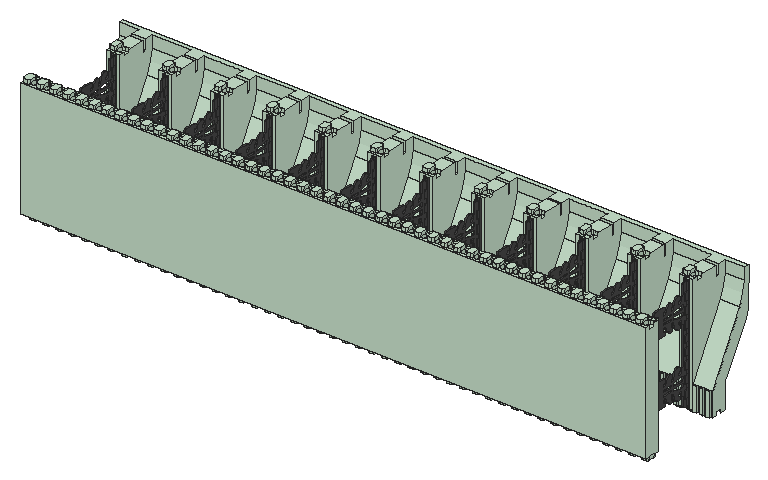
Revit family "ICF- NUDURA 10-inch- Brick Ledge Form Unit- Imperial", category Generic Models, Revit 2010 (continued)
Forms (in)
  Extrusion 51, void
    sketch origin (86, 0, 0) x (-1, 0, 0) y (0, -1, 0)
      loop
        arc (1, -4.89808) -> (1.04785, -5.04517) -> (1.17308, -5.13595) r 0.25
        arc (1.17308, -5.13595) -> (1.5, -5.1875) -> (1.82692, -5.13595) r 1.0625
        arc (1.82692, -5.13595) -> (1.95215, -5.04517) -> (2, -4.89808) r 0.25
        line (2, -4.89808) -> (2, -3.97692)
        arc (2, -3.97692) -> (1.98276, -3.88568) -> (1.9334, -3.80702) r 0.25
        arc (1.9334, -3.80702) -> (1.92106, -3.78736) -> (1.91675, -3.76455) r 0.0625
        line (1.91675, -3.76455) -> (1.91675, -3.41845) -> (1.74592, -3.41845) -> (1.74592, -3.64005)
        arc (1.74592, -3.64005) -> (1.72385, -3.68771) -> (1.67323, -3.70172) r 0.0625
        arc (1.67323, -3.70172) -> (1.42092, -3.69045) -> (1.17308, -3.73905) r 1.0625
        arc (1.17308, -3.73905) -> (1.04785, -3.82983) -> (1, -3.97692) r 0.25
        line (1, -3.97692) -> (1, -4.89808)
    from 18 to 17.5
  Extrusion 52, void
    sketch origin (78, 0, 0) x (-1, 0, 0) y (0, -1, 0)
      loop
        arc (1, -4.89808) -> (1.04785, -5.04517) -> (1.17308, -5.13595) r 0.25
        arc (1.17308, -5.13595) -> (1.5, -5.1875) -> (1.82692, -5.13595) r 1.0625
        arc (1.82692, -5.13595) -> (1.95215, -5.04517) -> (2, -4.89808) r 0.25
        line (2, -4.89808) -> (2, -3.97692)
        arc (2, -3.97692) -> (1.98276, -3.88568) -> (1.9334, -3.80702) r 0.25
        arc (1.9334, -3.80702) -> (1.92106, -3.78736) -> (1.91675, -3.76455) r 0.0625
        line (1.91675, -3.76455) -> (1.91675, -3.41845) -> (1.74592, -3.41845) -> (1.74592, -3.64005)
        arc (1.74592, -3.64005) -> (1.72385, -3.68771) -> (1.67323, -3.70172) r 0.0625
        arc (1.67323, -3.70172) -> (1.42092, -3.69045) -> (1.17308, -3.73905) r 1.0625
        arc (1.17308, -3.73905) -> (1.04785, -3.82983) -> (1, -3.97692) r 0.25
        line (1, -3.97692) -> (1, -4.89808)
    from 18 to 17.5
  Extrusion 53, void
    sketch origin (70, 0, 0) x (-1, 0, 0) y (0, -1, 0)
      loop
        arc (1, -4.89808) -> (1.04785, -5.04517) -> (1.17308, -5.13595) r 0.25
        arc (1.17308, -5.13595) -> (1.5, -5.1875) -> (1.82692, -5.13595) r 1.0625
        arc (1.82692, -5.13595) -> (1.95215, -5.04517) -> (2, -4.89808) r 0.25
        line (2, -4.89808) -> (2, -3.97692)
        arc (2, -3.97692) -> (1.98276, -3.88568) -> (1.9334, -3.80702) r 0.25
        arc (1.9334, -3.80702) -> (1.92106, -3.78736) -> (1.91675, -3.76455) r 0.0625
        line (1.91675, -3.76455) -> (1.91675, -3.41845) -> (1.74592, -3.41845) -> (1.74592, -3.64005)
        arc (1.74592, -3.64005) -> (1.72385, -3.68771) -> (1.67323, -3.70172) r 0.0625
        arc (1.67323, -3.70172) -> (1.42092, -3.69045) -> (1.17308, -3.73905) r 1.0625
        arc (1.17308, -3.73905) -> (1.04785, -3.82983) -> (1, -3.97692) r 0.25
        line (1, -3.97692) -> (1, -4.89808)
    from 18 to 17.5
  Extrusion 54, void
    sketch origin (62, 0, 0) x (-1, 0, 0) y (0, -1, 0)
      loop
        arc (1, -4.89808) -> (1.04785, -5.04517) -> (1.17308, -5.13595) r 0.25
        arc (1.17308, -5.13595) -> (1.5, -5.1875) -> (1.82692, -5.13595) r 1.0625
        arc (1.82692, -5.13595) -> (1.95215, -5.04517) -> (2, -4.89808) r 0.25
        line (2, -4.89808) -> (2, -3.97692)
        arc (2, -3.97692) -> (1.98276, -3.88568) -> (1.9334, -3.80702) r 0.25
        arc (1.9334, -3.80702) -> (1.92106, -3.78736) -> (1.91675, -3.76455) r 0.0625
        line (1.91675, -3.76455) -> (1.91675, -3.41845) -> (1.74592, -3.41845) -> (1.74592, -3.64005)
        arc (1.74592, -3.64005) -> (1.72385, -3.68771) -> (1.67323, -3.70172) r 0.0625
        arc (1.67323, -3.70172) -> (1.42092, -3.69045) -> (1.17308, -3.73905) r 1.0625
        arc (1.17308, -3.73905) -> (1.04785, -3.82983) -> (1, -3.97692) r 0.25
        line (1, -3.97692) -> (1, -4.89808)
    from 18 to 17.5
  Extrusion 55, void
    sketch origin (54, 0, 0) x (-1, 0, 0) y (0, -1, 0)
      loop
        arc (1, -4.89808) -> (1.04785, -5.04517) -> (1.17308, -5.13595) r 0.25
        arc (1.17308, -5.13595) -> (1.5, -5.1875) -> (1.82692, -5.13595) r 1.0625
        arc (1.82692, -5.13595) -> (1.95215, -5.04517) -> (2, -4.89808) r 0.25
        line (2, -4.89808) -> (2, -3.97692)
        arc (2, -3.97692) -> (1.98276, -3.88568) -> (1.9334, -3.80702) r 0.25
        arc (1.9334, -3.80702) -> (1.92106, -3.78736) -> (1.91675, -3.76455) r 0.0625
        line (1.91675, -3.76455) -> (1.91675, -3.41845) -> (1.74592, -3.41845) -> (1.74592, -3.64005)
        arc (1.74592, -3.64005) -> (1.72385, -3.68771) -> (1.67323, -3.70172) r 0.0625
        arc (1.67323, -3.70172) -> (1.42092, -3.69045) -> (1.17308, -3.73905) r 1.0625
        arc (1.17308, -3.73905) -> (1.04785, -3.82983) -> (1, -3.97692) r 0.25
        line (1, -3.97692) -> (1, -4.89808)
    from 18 to 17.5
  Extrusion 56, void
    sketch origin (46, 0, 0) x (-1, 0, 0) y (0, -1, 0)
      loop
        arc (1, -4.89808) -> (1.04785, -5.04517) -> (1.17308, -5.13595) r 0.25
        arc (1.17308, -5.13595) -> (1.5, -5.1875) -> (1.82692, -5.13595) r 1.0625
        arc (1.82692, -5.13595) -> (1.95215, -5.04517) -> (2, -4.89808) r 0.25
        line (2, -4.89808) -> (2, -3.97692)
        arc (2, -3.97692) -> (1.98276, -3.88568) -> (1.9334, -3.80702) r 0.25
        arc (1.9334, -3.80702) -> (1.92106, -3.78736) -> (1.91675, -3.76455) r 0.0625
        line (1.91675, -3.76455) -> (1.91675, -3.41845) -> (1.74592, -3.41845) -> (1.74592, -3.64005)
        arc (1.74592, -3.64005) -> (1.72385, -3.68771) -> (1.67323, -3.70172) r 0.0625
        arc (1.67323, -3.70172) -> (1.42092, -3.69045) -> (1.17308, -3.73905) r 1.0625
        arc (1.17308, -3.73905) -> (1.04785, -3.82983) -> (1, -3.97692) r 0.25
        line (1, -3.97692) -> (1, -4.89808)
    from 18 to 17.5
  Extrusion 57, void
    sketch origin (38, 0, 0) x (-1, 0, 0) y (0, -1, 0)
      loop
        arc (1, -4.89808) -> (1.04785, -5.04517) -> (1.17308, -5.13595) r 0.25
        arc (1.17308, -5.13595) -> (1.5, -5.1875) -> (1.82692, -5.13595) r 1.0625
        arc (1.82692, -5.13595) -> (1.95215, -5.04517) -> (2, -4.89808) r 0.25
        line (2, -4.89808) -> (2, -3.97692)
        arc (2, -3.97692) -> (1.98276, -3.88568) -> (1.9334, -3.80702) r 0.25
        arc (1.9334, -3.80702) -> (1.92106, -3.78736) -> (1.91675, -3.76455) r 0.0625
        line (1.91675, -3.76455) -> (1.91675, -3.41845) -> (1.74592, -3.41845) -> (1.74592, -3.64005)
        arc (1.74592, -3.64005) -> (1.72385, -3.68771) -> (1.67323, -3.70172) r 0.0625
        arc (1.67323, -3.70172) -> (1.42092, -3.69045) -> (1.17308, -3.73905) r 1.0625
        arc (1.17308, -3.73905) -> (1.04785, -3.82983) -> (1, -3.97692) r 0.25
        line (1, -3.97692) -> (1, -4.89808)
    from 18 to 17.5
  Extrusion 58, void
    sketch origin (30, 0, 0) x (-1, 0, 0) y (0, -1, 0)
      loop
        arc (1, -4.89808) -> (1.04785, -5.04517) -> (1.17308, -5.13595) r 0.25
        arc (1.17308, -5.13595) -> (1.5, -5.1875) -> (1.82692, -5.13595) r 1.0625
        arc (1.82692, -5.13595) -> (1.95215, -5.04517) -> (2, -4.89808) r 0.25
        line (2, -4.89808) -> (2, -3.97692)
        arc (2, -3.97692) -> (1.98276, -3.88568) -> (1.9334, -3.80702) r 0.25
        arc (1.9334, -3.80702) -> (1.92106, -3.78736) -> (1.91675, -3.76455) r 0.0625
        line (1.91675, -3.76455) -> (1.91675, -3.41845) -> (1.74592, -3.41845) -> (1.74592, -3.64005)
        arc (1.74592, -3.64005) -> (1.72385, -3.68771) -> (1.67323, -3.70172) r 0.0625
        arc (1.67323, -3.70172) -> (1.42092, -3.69045) -> (1.17308, -3.73905) r 1.0625
        arc (1.17308, -3.73905) -> (1.04785, -3.82983) -> (1, -3.97692) r 0.25
        line (1, -3.97692) -> (1, -4.89808)
    from 18 to 17.5
  Extrusion 59, void
    sketch origin (22, 0, 0) x (-1, 0, 0) y (0, -1, 0)
      loop
        arc (1, -4.89808) -> (1.04785, -5.04517) -> (1.17308, -5.13595) r 0.25
        arc (1.17308, -5.13595) -> (1.5, -5.1875) -> (1.82692, -5.13595) r 1.0625
        arc (1.82692, -5.13595) -> (1.95215, -5.04517) -> (2, -4.89808) r 0.25
        line (2, -4.89808) -> (2, -3.97692)
        arc (2, -3.97692) -> (1.98276, -3.88568) -> (1.9334, -3.80702) r 0.25
        arc (1.9334, -3.80702) -> (1.92106, -3.78736) -> (1.91675, -3.76455) r 0.0625
        line (1.91675, -3.76455) -> (1.91675, -3.41845) -> (1.74592, -3.41845) -> (1.74592, -3.64005)
        arc (1.74592, -3.64005) -> (1.72385, -3.68771) -> (1.67323, -3.70172) r 0.0625
        arc (1.67323, -3.70172) -> (1.42092, -3.69045) -> (1.17308, -3.73905) r 1.0625
        arc (1.17308, -3.73905) -> (1.04785, -3.82983) -> (1, -3.97692) r 0.25
        line (1, -3.97692) -> (1, -4.89808)
    from 18 to 17.5
  Extrusion 60, void
    sketch origin (14, 0, 0) x (-1, 0, 0) y (0, -1, 0)
      loop
        arc (1, -4.89808) -> (1.04785, -5.04517) -> (1.17308, -5.13595) r 0.25
        arc (1.17308, -5.13595) -> (1.5, -5.1875) -> (1.82692, -5.13595) r 1.0625
        arc (1.82692, -5.13595) -> (1.95215, -5.04517) -> (2, -4.89808) r 0.25
        line (2, -4.89808) -> (2, -3.97692)
        arc (2, -3.97692) -> (1.98276, -3.88568) -> (1.9334, -3.80702) r 0.25
        arc (1.9334, -3.80702) -> (1.92106, -3.78736) -> (1.91675, -3.76455) r 0.0625
        line (1.91675, -3.76455) -> (1.91675, -3.41845) -> (1.74592, -3.41845) -> (1.74592, -3.64005)
        arc (1.74592, -3.64005) -> (1.72385, -3.68771) -> (1.67323, -3.70172) r 0.0625
        arc (1.67323, -3.70172) -> (1.42092, -3.69045) -> (1.17308, -3.73905) r 1.0625
        arc (1.17308, -3.73905) -> (1.04785, -3.82983) -> (1, -3.97692) r 0.25
        line (1, -3.97692) -> (1, -4.89808)
    from 18 to 17.5
  Extrusion 61, void
    sketch origin (6, 0, 0) x (-1, 0, 0) y (0, -1, 0)
      loop
        arc (1, -4.89808) -> (1.04785, -5.04517) -> (1.17308, -5.13595) r 0.25
        arc (1.17308, -5.13595) -> (1.5, -5.1875) -> (1.82692, -5.13595) r 1.0625
        arc (1.82692, -5.13595) -> (1.95215, -5.04517) -> (2, -4.89808) r 0.25
        line (2, -4.89808) -> (2, -3.97692)
        arc (2, -3.97692) -> (1.98276, -3.88568) -> (1.9334, -3.80702) r 0.25
        arc (1.9334, -3.80702) -> (1.92106, -3.78736) -> (1.91675, -3.76455) r 0.0625
        line (1.91675, -3.76455) -> (1.91675, -3.41845) -> (1.74592, -3.41845) -> (1.74592, -3.64005)
        arc (1.74592, -3.64005) -> (1.72385, -3.68771) -> (1.67323, -3.70172) r 0.0625
        arc (1.67323, -3.70172) -> (1.42092, -3.69045) -> (1.17308, -3.73905) r 1.0625
        arc (1.17308, -3.73905) -> (1.04785, -3.82983) -> (1, -3.97692) r 0.25
        line (1, -3.97692) -> (1, -4.89808)
    from 18 to 17.5
  Extrusion 62, void
    sketch origin (2, -4, 0) x (-1, 0, 0) y (0, -1, 0)
      loop
        line (1, 4.89808) -> (1, 3.97692)
        arc (1, 3.97692) -> (1.04785, 3.82983) -> (1.17308, 3.73905) r 0.25
        arc (1.17308, 3.73905) -> (1.42092, 3.69045) -> (1.67323, 3.70172) r 1.0625
        arc (1.67323, 3.70172) -> (1.72385, 3.68771) -> (1.74592, 3.64005) r 0.0625
        line (1.74592, 3.64005) -> (1.74592, 3.41845) -> (1.91675, 3.41845) -> (1.91675, 3.76455)
        arc (1.91675, 3.76455) -> (1.92106, 3.78736) -> (1.9334, 3.80702) r 0.0625
        arc (1.9334, 3.80702) -> (1.98276, 3.88568) -> (2, 3.97692) r 0.25
        line (2, 3.97692) -> (2, 4.89808)
        arc (2, 4.89808) -> (1.95215, 5.04517) -> (1.82692, 5.13595) r 0.25
        arc (1.82692, 5.13595) -> (1.5, 5.1875) -> (1.17308, 5.13595) r 1.0625
        arc (1.17308, 5.13595) -> (1.04785, 5.04517) -> (1, 4.89808) r 0.25
    from 0 to 0.5
  Extrusion 63, void
    sketch origin (4, -4, 0) x (-1, 0, 0) y (0, -1, 0)
      loop
        line (1, 4.89808) -> (1, 3.97692)
        arc (1, 3.97692) -> (1.04785, 3.82983) -> (1.17308, 3.73905) r 0.25
        arc (1.17308, 3.73905) -> (1.42092, 3.69045) -> (1.67323, 3.70172) r 1.0625
        arc (1.67323, 3.70172) -> (1.72385, 3.68771) -> (1.74592, 3.64005) r 0.0625
        line (1.74592, 3.64005) -> (1.74592, 3.41845) -> (1.91675, 3.41845) -> (1.91675, 3.76455)
        arc (1.91675, 3.76455) -> (1.92106, 3.78736) -> (1.9334, 3.80702) r 0.0625
        arc (1.9334, 3.80702) -> (1.98276, 3.88568) -> (2, 3.97692) r 0.25
        line (2, 3.97692) -> (2, 4.89808)
        arc (2, 4.89808) -> (1.95215, 5.04517) -> (1.82692, 5.13595) r 0.25
        arc (1.82692, 5.13595) -> (1.5, 5.1875) -> (1.17308, 5.13595) r 1.0625
        arc (1.17308, 5.13595) -> (1.04785, 5.04517) -> (1, 4.89808) r 0.25
    from 0 to 0.5
  Extrusion 64, void
    sketch origin (6, -4, 0) x (-1, 0, 0) y (0, -1, 0)
      loop
        line (1, 4.89808) -> (1, 3.97692)
        arc (1, 3.97692) -> (1.04785, 3.82983) -> (1.17308, 3.73905) r 0.25
        arc (1.17308, 3.73905) -> (1.42092, 3.69045) -> (1.67323, 3.70172) r 1.0625
        arc (1.67323, 3.70172) -> (1.72385, 3.68771) -> (1.74592, 3.64005) r 0.0625
        line (1.74592, 3.64005) -> (1.74592, 3.41845) -> (1.91675, 3.41845) -> (1.91675, 3.76455)
        arc (1.91675, 3.76455) -> (1.92106, 3.78736) -> (1.9334, 3.80702) r 0.0625
        arc (1.9334, 3.80702) -> (1.98276, 3.88568) -> (2, 3.97692) r 0.25
        line (2, 3.97692) -> (2, 4.89808)
        arc (2, 4.89808) -> (1.95215, 5.04517) -> (1.82692, 5.13595) r 0.25
        arc (1.82692, 5.13595) -> (1.5, 5.1875) -> (1.17308, 5.13595) r 1.0625
        arc (1.17308, 5.13595) -> (1.04785, 5.04517) -> (1, 4.89808) r 0.25
    from 0 to 0.5
  Extrusion 65, void
    sketch origin (8, -4, 0) x (-1, 0, 0) y (0, -1, 0)
      loop
        line (1, 4.89808) -> (1, 3.97692)
        arc (1, 3.97692) -> (1.04785, 3.82983) -> (1.17308, 3.73905) r 0.25
        arc (1.17308, 3.73905) -> (1.42092, 3.69045) -> (1.67323, 3.70172) r 1.0625
        arc (1.67323, 3.70172) -> (1.72385, 3.68771) -> (1.74592, 3.64005) r 0.0625
        line (1.74592, 3.64005) -> (1.74592, 3.41845) -> (1.91675, 3.41845) -> (1.91675, 3.76455)
        arc (1.91675, 3.76455) -> (1.92106, 3.78736) -> (1.9334, 3.80702) r 0.0625
        arc (1.9334, 3.80702) -> (1.98276, 3.88568) -> (2, 3.97692) r 0.25
        line (2, 3.97692) -> (2, 4.89808)
        arc (2, 4.89808) -> (1.95215, 5.04517) -> (1.82692, 5.13595) r 0.25
        arc (1.82692, 5.13595) -> (1.5, 5.1875) -> (1.17308, 5.13595) r 1.0625
        arc (1.17308, 5.13595) -> (1.04785, 5.04517) -> (1, 4.89808) r 0.25
    from 0 to 0.5
  Extrusion 66, void
    sketch origin (10, -4, 0) x (-1, 0, 0) y (0, -1, 0)
      loop
        line (1, 4.89808) -> (1, 3.97692)
        arc (1, 3.97692) -> (1.04785, 3.82983) -> (1.17308, 3.73905) r 0.25
        arc (1.17308, 3.73905) -> (1.42092, 3.69045) -> (1.67323, 3.70172) r 1.0625
        arc (1.67323, 3.70172) -> (1.72385, 3.68771) -> (1.74592, 3.64005) r 0.0625
        line (1.74592, 3.64005) -> (1.74592, 3.41845) -> (1.91675, 3.41845) -> (1.91675, 3.76455)
        arc (1.91675, 3.76455) -> (1.92106, 3.78736) -> (1.9334, 3.80702) r 0.0625
        arc (1.9334, 3.80702) -> (1.98276, 3.88568) -> (2, 3.97692) r 0.25
        line (2, 3.97692) -> (2, 4.89808)
        arc (2, 4.89808) -> (1.95215, 5.04517) -> (1.82692, 5.13595) r 0.25
        arc (1.82692, 5.13595) -> (1.5, 5.1875) -> (1.17308, 5.13595) r 1.0625
        arc (1.17308, 5.13595) -> (1.04785, 5.04517) -> (1, 4.89808) r 0.25
    from 0 to 0.5
  Extrusion 67, void
    sketch origin (12, -4, 0) x (-1, 0, 0) y (0, -1, 0)
      loop
        line (1, 4.89808) -> (1, 3.97692)
        arc (1, 3.97692) -> (1.04785, 3.82983) -> (1.17308, 3.73905) r 0.25
        arc (1.17308, 3.73905) -> (1.42092, 3.69045) -> (1.67323, 3.70172) r 1.0625
        arc (1.67323, 3.70172) -> (1.72385, 3.68771) -> (1.74592, 3.64005) r 0.0625
        line (1.74592, 3.64005) -> (1.74592, 3.41845) -> (1.91675, 3.41845) -> (1.91675, 3.76455)
        arc (1.91675, 3.76455) -> (1.92106, 3.78736) -> (1.9334, 3.80702) r 0.0625
        arc (1.9334, 3.80702) -> (1.98276, 3.88568) -> (2, 3.97692) r 0.25
        line (2, 3.97692) -> (2, 4.89808)
        arc (2, 4.89808) -> (1.95215, 5.04517) -> (1.82692, 5.13595) r 0.25
        arc (1.82692, 5.13595) -> (1.5, 5.1875) -> (1.17308, 5.13595) r 1.0625
        arc (1.17308, 5.13595) -> (1.04785, 5.04517) -> (1, 4.89808) r 0.25
    from 0 to 0.5
  Extrusion 68, void
    sketch origin (14, -4, 0) x (-1, 0, 0) y (0, -1, 0)
      loop
        line (1, 4.89808) -> (1, 3.97692)
        arc (1, 3.97692) -> (1.04785, 3.82983) -> (1.17308, 3.73905) r 0.25
        arc (1.17308, 3.73905) -> (1.42092, 3.69045) -> (1.67323, 3.70172) r 1.0625
        arc (1.67323, 3.70172) -> (1.72385, 3.68771) -> (1.74592, 3.64005) r 0.0625
        line (1.74592, 3.64005) -> (1.74592, 3.41845) -> (1.91675, 3.41845) -> (1.91675, 3.76455)
        arc (1.91675, 3.76455) -> (1.92106, 3.78736) -> (1.9334, 3.80702) r 0.0625
        arc (1.9334, 3.80702) -> (1.98276, 3.88568) -> (2, 3.97692) r 0.25
        line (2, 3.97692) -> (2, 4.89808)
        arc (2, 4.89808) -> (1.95215, 5.04517) -> (1.82692, 5.13595) r 0.25
        arc (1.82692, 5.13595) -> (1.5, 5.1875) -> (1.17308, 5.13595) r 1.0625
        arc (1.17308, 5.13595) -> (1.04785, 5.04517) -> (1, 4.89808) r 0.25
    from 0 to 0.5
  Extrusion 69, void
    sketch origin (16, -4, 0) x (-1, 0, 0) y (0, -1, 0)
      loop
        line (1, 4.89808) -> (1, 3.97692)
        arc (1, 3.97692) -> (1.04785, 3.82983) -> (1.17308, 3.73905) r 0.25
        arc (1.17308, 3.73905) -> (1.42092, 3.69045) -> (1.67323, 3.70172) r 1.0625
        arc (1.67323, 3.70172) -> (1.72385, 3.68771) -> (1.74592, 3.64005) r 0.0625
        line (1.74592, 3.64005) -> (1.74592, 3.41845) -> (1.91675, 3.41845) -> (1.91675, 3.76455)
        arc (1.91675, 3.76455) -> (1.92106, 3.78736) -> (1.9334, 3.80702) r 0.0625
        arc (1.9334, 3.80702) -> (1.98276, 3.88568) -> (2, 3.97692) r 0.25
        line (2, 3.97692) -> (2, 4.89808)
        arc (2, 4.89808) -> (1.95215, 5.04517) -> (1.82692, 5.13595) r 0.25
        arc (1.82692, 5.13595) -> (1.5, 5.1875) -> (1.17308, 5.13595) r 1.0625
        arc (1.17308, 5.13595) -> (1.04785, 5.04517) -> (1, 4.89808) r 0.25
    from 0 to 0.5
  Extrusion 70, void
    sketch origin (18, -4, 0) x (-1, 0, 0) y (0, -1, 0)
      loop
        line (1, 4.89808) -> (1, 3.97692)
        arc (1, 3.97692) -> (1.04785, 3.82983) -> (1.17308, 3.73905) r 0.25
        arc (1.17308, 3.73905) -> (1.42092, 3.69045) -> (1.67323, 3.70172) r 1.0625
        arc (1.67323, 3.70172) -> (1.72385, 3.68771) -> (1.74592, 3.64005) r 0.0625
        line (1.74592, 3.64005) -> (1.74592, 3.41845) -> (1.91675, 3.41845) -> (1.91675, 3.76455)
        arc (1.91675, 3.76455) -> (1.92106, 3.78736) -> (1.9334, 3.80702) r 0.0625
        arc (1.9334, 3.80702) -> (1.98276, 3.88568) -> (2, 3.97692) r 0.25
        line (2, 3.97692) -> (2, 4.89808)
        arc (2, 4.89808) -> (1.95215, 5.04517) -> (1.82692, 5.13595) r 0.25
        arc (1.82692, 5.13595) -> (1.5, 5.1875) -> (1.17308, 5.13595) r 1.0625
        arc (1.17308, 5.13595) -> (1.04785, 5.04517) -> (1, 4.89808) r 0.25
    from 0 to 0.5
  Extrusion 71, void
    sketch origin (20, -4, 0) x (-1, 0, 0) y (0, -1, 0)
      loop
        line (1, 4.89808) -> (1, 3.97692)
        arc (1, 3.97692) -> (1.04785, 3.82983) -> (1.17308, 3.73905) r 0.25
        arc (1.17308, 3.73905) -> (1.42092, 3.69045) -> (1.67323, 3.70172) r 1.0625
        arc (1.67323, 3.70172) -> (1.72385, 3.68771) -> (1.74592, 3.64005) r 0.0625
        line (1.74592, 3.64005) -> (1.74592, 3.41845) -> (1.91675, 3.41845) -> (1.91675, 3.76455)
        arc (1.91675, 3.76455) -> (1.92106, 3.78736) -> (1.9334, 3.80702) r 0.0625
        arc (1.9334, 3.80702) -> (1.98276, 3.88568) -> (2, 3.97692) r 0.25
        line (2, 3.97692) -> (2, 4.89808)
        arc (2, 4.89808) -> (1.95215, 5.04517) -> (1.82692, 5.13595) r 0.25
        arc (1.82692, 5.13595) -> (1.5, 5.1875) -> (1.17308, 5.13595) r 1.0625
        arc (1.17308, 5.13595) -> (1.04785, 5.04517) -> (1, 4.89808) r 0.25
    from 0 to 0.5
  Extrusion 72, void
    sketch origin (22, -4, 0) x (-1, 0, 0) y (0, -1, 0)
      loop
        line (1, 4.89808) -> (1, 3.97692)
        arc (1, 3.97692) -> (1.04785, 3.82983) -> (1.17308, 3.73905) r 0.25
        arc (1.17308, 3.73905) -> (1.42092, 3.69045) -> (1.67323, 3.70172) r 1.0625
        arc (1.67323, 3.70172) -> (1.72385, 3.68771) -> (1.74592, 3.64005) r 0.0625
        line (1.74592, 3.64005) -> (1.74592, 3.41845) -> (1.91675, 3.41845) -> (1.91675, 3.76455)
        arc (1.91675, 3.76455) -> (1.92106, 3.78736) -> (1.9334, 3.80702) r 0.0625
        arc (1.9334, 3.80702) -> (1.98276, 3.88568) -> (2, 3.97692) r 0.25
        line (2, 3.97692) -> (2, 4.89808)
        arc (2, 4.89808) -> (1.95215, 5.04517) -> (1.82692, 5.13595) r 0.25
        arc (1.82692, 5.13595) -> (1.5, 5.1875) -> (1.17308, 5.13595) r 1.0625
        arc (1.17308, 5.13595) -> (1.04785, 5.04517) -> (1, 4.89808) r 0.25
    from 0 to 0.5
  Extrusion 73, void
    sketch origin (24, -4, 0) x (-1, 0, 0) y (0, -1, 0)
      loop
        line (1, 4.89808) -> (1, 3.97692)
        arc (1, 3.97692) -> (1.04785, 3.82983) -> (1.17308, 3.73905) r 0.25
        arc (1.17308, 3.73905) -> (1.42092, 3.69045) -> (1.67323, 3.70172) r 1.0625
        arc (1.67323, 3.70172) -> (1.72385, 3.68771) -> (1.74592, 3.64005) r 0.0625
        line (1.74592, 3.64005) -> (1.74592, 3.41845) -> (1.91675, 3.41845) -> (1.91675, 3.76455)
        arc (1.91675, 3.76455) -> (1.92106, 3.78736) -> (1.9334, 3.80702) r 0.0625
        arc (1.9334, 3.80702) -> (1.98276, 3.88568) -> (2, 3.97692) r 0.25
        line (2, 3.97692) -> (2, 4.89808)
        arc (2, 4.89808) -> (1.95215, 5.04517) -> (1.82692, 5.13595) r 0.25
        arc (1.82692, 5.13595) -> (1.5, 5.1875) -> (1.17308, 5.13595) r 1.0625
        arc (1.17308, 5.13595) -> (1.04785, 5.04517) -> (1, 4.89808) r 0.25
    from 0 to 0.5
  Extrusion 74, void
    sketch origin (26, -4, 0) x (-1, 0, 0) y (0, -1, 0)
      loop
        line (1, 4.89808) -> (1, 3.97692)
        arc (1, 3.97692) -> (1.04785, 3.82983) -> (1.17308, 3.73905) r 0.25
        arc (1.17308, 3.73905) -> (1.42092, 3.69045) -> (1.67323, 3.70172) r 1.0625
        arc (1.67323, 3.70172) -> (1.72385, 3.68771) -> (1.74592, 3.64005) r 0.0625
        line (1.74592, 3.64005) -> (1.74592, 3.41845) -> (1.91675, 3.41845) -> (1.91675, 3.76455)
        arc (1.91675, 3.76455) -> (1.92106, 3.78736) -> (1.9334, 3.80702) r 0.0625
        arc (1.9334, 3.80702) -> (1.98276, 3.88568) -> (2, 3.97692) r 0.25
        line (2, 3.97692) -> (2, 4.89808)
        arc (2, 4.89808) -> (1.95215, 5.04517) -> (1.82692, 5.13595) r 0.25
        arc (1.82692, 5.13595) -> (1.5, 5.1875) -> (1.17308, 5.13595) r 1.0625
        arc (1.17308, 5.13595) -> (1.04785, 5.04517) -> (1, 4.89808) r 0.25
    from 0 to 0.5
  Extrusion 75, void
    sketch origin (28, -4, 0) x (-1, 0, 0) y (0, -1, 0)
      loop
        line (1, 4.89808) -> (1, 3.97692)
        arc (1, 3.97692) -> (1.04785, 3.82983) -> (1.17308, 3.73905) r 0.25
        arc (1.17308, 3.73905) -> (1.42092, 3.69045) -> (1.67323, 3.70172) r 1.0625
        arc (1.67323, 3.70172) -> (1.72385, 3.68771) -> (1.74592, 3.64005) r 0.0625
        line (1.74592, 3.64005) -> (1.74592, 3.41845) -> (1.91675, 3.41845) -> (1.91675, 3.76455)
        arc (1.91675, 3.76455) -> (1.92106, 3.78736) -> (1.9334, 3.80702) r 0.0625
        arc (1.9334, 3.80702) -> (1.98276, 3.88568) -> (2, 3.97692) r 0.25
        line (2, 3.97692) -> (2, 4.89808)
        arc (2, 4.89808) -> (1.95215, 5.04517) -> (1.82692, 5.13595) r 0.25
        arc (1.82692, 5.13595) -> (1.5, 5.1875) -> (1.17308, 5.13595) r 1.0625
        arc (1.17308, 5.13595) -> (1.04785, 5.04517) -> (1, 4.89808) r 0.25
    from 0 to 0.5
  Extrusion 76, void
    sketch origin (30, -4, 0) x (-1, 0, 0) y (0, -1, 0)
      loop
        line (1, 4.89808) -> (1, 3.97692)
        arc (1, 3.97692) -> (1.04785, 3.82983) -> (1.17308, 3.73905) r 0.25
        arc (1.17308, 3.73905) -> (1.42092, 3.69045) -> (1.67323, 3.70172) r 1.0625
        arc (1.67323, 3.70172) -> (1.72385, 3.68771) -> (1.74592, 3.64005) r 0.0625
        line (1.74592, 3.64005) -> (1.74592, 3.41845) -> (1.91675, 3.41845) -> (1.91675, 3.76455)
        arc (1.91675, 3.76455) -> (1.92106, 3.78736) -> (1.9334, 3.80702) r 0.0625
        arc (1.9334, 3.80702) -> (1.98276, 3.88568) -> (2, 3.97692) r 0.25
        line (2, 3.97692) -> (2, 4.89808)
        arc (2, 4.89808) -> (1.95215, 5.04517) -> (1.82692, 5.13595) r 0.25
        arc (1.82692, 5.13595) -> (1.5, 5.1875) -> (1.17308, 5.13595) r 1.0625
        arc (1.17308, 5.13595) -> (1.04785, 5.04517) -> (1, 4.89808) r 0.25
    from 0 to 0.5
  Extrusion 77, void
    sketch origin (32, -4, 0) x (-1, 0, 0) y (0, -1, 0)
      loop
        line (1, 4.89808) -> (1, 3.97692)
        arc (1, 3.97692) -> (1.04785, 3.82983) -> (1.17308, 3.73905) r 0.25
        arc (1.17308, 3.73905) -> (1.42092, 3.69045) -> (1.67323, 3.70172) r 1.0625
        arc (1.67323, 3.70172) -> (1.72385, 3.68771) -> (1.74592, 3.64005) r 0.0625
        line (1.74592, 3.64005) -> (1.74592, 3.41845) -> (1.91675, 3.41845) -> (1.91675, 3.76455)
        arc (1.91675, 3.76455) -> (1.92106, 3.78736) -> (1.9334, 3.80702) r 0.0625
        arc (1.9334, 3.80702) -> (1.98276, 3.88568) -> (2, 3.97692) r 0.25
        line (2, 3.97692) -> (2, 4.89808)
        arc (2, 4.89808) -> (1.95215, 5.04517) -> (1.82692, 5.13595) r 0.25
        arc (1.82692, 5.13595) -> (1.5, 5.1875) -> (1.17308, 5.13595) r 1.0625
        arc (1.17308, 5.13595) -> (1.04785, 5.04517) -> (1, 4.89808) r 0.25
    from 0 to 0.5
  Extrusion 78, void
    sketch origin (34, -4, 0) x (-1, 0, 0) y (0, -1, 0)
      loop
        line (1, 4.89808) -> (1, 3.97692)
        arc (1, 3.97692) -> (1.04785, 3.82983) -> (1.17308, 3.73905) r 0.25
        arc (1.17308, 3.73905) -> (1.42092, 3.69045) -> (1.67323, 3.70172) r 1.0625
        arc (1.67323, 3.70172) -> (1.72385, 3.68771) -> (1.74592, 3.64005) r 0.0625
        line (1.74592, 3.64005) -> (1.74592, 3.41845) -> (1.91675, 3.41845) -> (1.91675, 3.76455)
        arc (1.91675, 3.76455) -> (1.92106, 3.78736) -> (1.9334, 3.80702) r 0.0625
        arc (1.9334, 3.80702) -> (1.98276, 3.88568) -> (2, 3.97692) r 0.25
        line (2, 3.97692) -> (2, 4.89808)
        arc (2, 4.89808) -> (1.95215, 5.04517) -> (1.82692, 5.13595) r 0.25
        arc (1.82692, 5.13595) -> (1.5, 5.1875) -> (1.17308, 5.13595) r 1.0625
        arc (1.17308, 5.13595) -> (1.04785, 5.04517) -> (1, 4.89808) r 0.25
    from 0 to 0.5
  Extrusion 79, void
    sketch origin (36, -4, 0) x (-1, 0, 0) y (0, -1, 0)
      loop
        line (1, 4.89808) -> (1, 3.97692)
        arc (1, 3.97692) -> (1.04785, 3.82983) -> (1.17308, 3.73905) r 0.25
        arc (1.17308, 3.73905) -> (1.42092, 3.69045) -> (1.67323, 3.70172) r 1.0625
        arc (1.67323, 3.70172) -> (1.72385, 3.68771) -> (1.74592, 3.64005) r 0.0625
        line (1.74592, 3.64005) -> (1.74592, 3.41845) -> (1.91675, 3.41845) -> (1.91675, 3.76455)
        arc (1.91675, 3.76455) -> (1.92106, 3.78736) -> (1.9334, 3.80702) r 0.0625
        arc (1.9334, 3.80702) -> (1.98276, 3.88568) -> (2, 3.97692) r 0.25
        line (2, 3.97692) -> (2, 4.89808)
        arc (2, 4.89808) -> (1.95215, 5.04517) -> (1.82692, 5.13595) r 0.25
        arc (1.82692, 5.13595) -> (1.5, 5.1875) -> (1.17308, 5.13595) r 1.0625
        arc (1.17308, 5.13595) -> (1.04785, 5.04517) -> (1, 4.89808) r 0.25
    from 0 to 0.5
  Extrusion 80, void
    sketch origin (38, -4, 0) x (-1, 0, 0) y (0, -1, 0)
      loop
        line (1, 4.89808) -> (1, 3.97692)
        arc (1, 3.97692) -> (1.04785, 3.82983) -> (1.17308, 3.73905) r 0.25
        arc (1.17308, 3.73905) -> (1.42092, 3.69045) -> (1.67323, 3.70172) r 1.0625
        arc (1.67323, 3.70172) -> (1.72385, 3.68771) -> (1.74592, 3.64005) r 0.0625
        line (1.74592, 3.64005) -> (1.74592, 3.41845) -> (1.91675, 3.41845) -> (1.91675, 3.76455)
        arc (1.91675, 3.76455) -> (1.92106, 3.78736) -> (1.9334, 3.80702) r 0.0625
        arc (1.9334, 3.80702) -> (1.98276, 3.88568) -> (2, 3.97692) r 0.25
        line (2, 3.97692) -> (2, 4.89808)
        arc (2, 4.89808) -> (1.95215, 5.04517) -> (1.82692, 5.13595) r 0.25
        arc (1.82692, 5.13595) -> (1.5, 5.1875) -> (1.17308, 5.13595) r 1.0625
        arc (1.17308, 5.13595) -> (1.04785, 5.04517) -> (1, 4.89808) r 0.25
    from 0 to 0.5
  Extrusion 81, void
    sketch origin (40, -4, 0) x (-1, 0, 0) y (0, -1, 0)
      loop
        line (1, 4.89808) -> (1, 3.97692)
        arc (1, 3.97692) -> (1.04785, 3.82983) -> (1.17308, 3.73905) r 0.25
        arc (1.17308, 3.73905) -> (1.42092, 3.69045) -> (1.67323, 3.70172) r 1.0625
        arc (1.67323, 3.70172) -> (1.72385, 3.68771) -> (1.74592, 3.64005) r 0.0625
        line (1.74592, 3.64005) -> (1.74592, 3.41845) -> (1.91675, 3.41845) -> (1.91675, 3.76455)
        arc (1.91675, 3.76455) -> (1.92106, 3.78736) -> (1.9334, 3.80702) r 0.0625
        arc (1.9334, 3.80702) -> (1.98276, 3.88568) -> (2, 3.97692) r 0.25
        line (2, 3.97692) -> (2, 4.89808)
        arc (2, 4.89808) -> (1.95215, 5.04517) -> (1.82692, 5.13595) r 0.25
        arc (1.82692, 5.13595) -> (1.5, 5.1875) -> (1.17308, 5.13595) r 1.0625
        arc (1.17308, 5.13595) -> (1.04785, 5.04517) -> (1, 4.89808) r 0.25
    from 0 to 0.5
  Extrusion 82, void
    sketch origin (42, -4, 0) x (-1, 0, 0) y (0, -1, 0)
      loop
        line (1, 4.89808) -> (1, 3.97692)
        arc (1, 3.97692) -> (1.04785, 3.82983) -> (1.17308, 3.73905) r 0.25
        arc (1.17308, 3.73905) -> (1.42092, 3.69045) -> (1.67323, 3.70172) r 1.0625
        arc (1.67323, 3.70172) -> (1.72385, 3.68771) -> (1.74592, 3.64005) r 0.0625
        line (1.74592, 3.64005) -> (1.74592, 3.41845) -> (1.91675, 3.41845) -> (1.91675, 3.76455)
        arc (1.91675, 3.76455) -> (1.92106, 3.78736) -> (1.9334, 3.80702) r 0.0625
        arc (1.9334, 3.80702) -> (1.98276, 3.88568) -> (2, 3.97692) r 0.25
        line (2, 3.97692) -> (2, 4.89808)
        arc (2, 4.89808) -> (1.95215, 5.04517) -> (1.82692, 5.13595) r 0.25
        arc (1.82692, 5.13595) -> (1.5, 5.1875) -> (1.17308, 5.13595) r 1.0625
        arc (1.17308, 5.13595) -> (1.04785, 5.04517) -> (1, 4.89808) r 0.25
    from 0 to 0.5
  Extrusion 83, void
    sketch origin (44, -4, 0) x (-1, 0, 0) y (0, -1, 0)
      loop
        line (1, 4.89808) -> (1, 3.97692)
        arc (1, 3.97692) -> (1.04785, 3.82983) -> (1.17308, 3.73905) r 0.25
        arc (1.17308, 3.73905) -> (1.42092, 3.69045) -> (1.67323, 3.70172) r 1.0625
        arc (1.67323, 3.70172) -> (1.72385, 3.68771) -> (1.74592, 3.64005) r 0.0625
        line (1.74592, 3.64005) -> (1.74592, 3.41845) -> (1.91675, 3.41845) -> (1.91675, 3.76455)
        arc (1.91675, 3.76455) -> (1.92106, 3.78736) -> (1.9334, 3.80702) r 0.0625
        arc (1.9334, 3.80702) -> (1.98276, 3.88568) -> (2, 3.97692) r 0.25
        line (2, 3.97692) -> (2, 4.89808)
        arc (2, 4.89808) -> (1.95215, 5.04517) -> (1.82692, 5.13595) r 0.25
        arc (1.82692, 5.13595) -> (1.5, 5.1875) -> (1.17308, 5.13595) r 1.0625
        arc (1.17308, 5.13595) -> (1.04785, 5.04517) -> (1, 4.89808) r 0.25
    from 0 to 0.5
  Extrusion 84, void
    sketch origin (46, -4, 0) x (-1, 0, 0) y (0, -1, 0)
      loop
        line (1, 4.89808) -> (1, 3.97692)
        arc (1, 3.97692) -> (1.04785, 3.82983) -> (1.17308, 3.73905) r 0.25
        arc (1.17308, 3.73905) -> (1.42092, 3.69045) -> (1.67323, 3.70172) r 1.0625
        arc (1.67323, 3.70172) -> (1.72385, 3.68771) -> (1.74592, 3.64005) r 0.0625
        line (1.74592, 3.64005) -> (1.74592, 3.41845) -> (1.91675, 3.41845) -> (1.91675, 3.76455)
        arc (1.91675, 3.76455) -> (1.92106, 3.78736) -> (1.9334, 3.80702) r 0.0625
        arc (1.9334, 3.80702) -> (1.98276, 3.88568) -> (2, 3.97692) r 0.25
        line (2, 3.97692) -> (2, 4.89808)
        arc (2, 4.89808) -> (1.95215, 5.04517) -> (1.82692, 5.13595) r 0.25
        arc (1.82692, 5.13595) -> (1.5, 5.1875) -> (1.17308, 5.13595) r 1.0625
        arc (1.17308, 5.13595) -> (1.04785, 5.04517) -> (1, 4.89808) r 0.25
    from 0 to 0.5
  Extrusion 85, void
    sketch origin (48, -4, 0) x (-1, 0, 0) y (0, -1, 0)
      loop
        line (1, 4.89808) -> (1, 3.97692)
        arc (1, 3.97692) -> (1.04785, 3.82983) -> (1.17308, 3.73905) r 0.25
        arc (1.17308, 3.73905) -> (1.42092, 3.69045) -> (1.67323, 3.70172) r 1.0625
        arc (1.67323, 3.70172) -> (1.72385, 3.68771) -> (1.74592, 3.64005) r 0.0625
        line (1.74592, 3.64005) -> (1.74592, 3.41845) -> (1.91675, 3.41845) -> (1.91675, 3.76455)
        arc (1.91675, 3.76455) -> (1.92106, 3.78736) -> (1.9334, 3.80702) r 0.0625
        arc (1.9334, 3.80702) -> (1.98276, 3.88568) -> (2, 3.97692) r 0.25
        line (2, 3.97692) -> (2, 4.89808)
        arc (2, 4.89808) -> (1.95215, 5.04517) -> (1.82692, 5.13595) r 0.25
        arc (1.82692, 5.13595) -> (1.5, 5.1875) -> (1.17308, 5.13595) r 1.0625
        arc (1.17308, 5.13595) -> (1.04785, 5.04517) -> (1, 4.89808) r 0.25
    from 0 to 0.5
  Extrusion 86, void
    sketch origin (50, -4, 0) x (-1, 0, 0) y (0, -1, 0)
      loop
        line (1, 4.89808) -> (1, 3.97692)
        arc (1, 3.97692) -> (1.04785, 3.82983) -> (1.17308, 3.73905) r 0.25
        arc (1.17308, 3.73905) -> (1.42092, 3.69045) -> (1.67323, 3.70172) r 1.0625
        arc (1.67323, 3.70172) -> (1.72385, 3.68771) -> (1.74592, 3.64005) r 0.0625
        line (1.74592, 3.64005) -> (1.74592, 3.41845) -> (1.91675, 3.41845) -> (1.91675, 3.76455)
        arc (1.91675, 3.76455) -> (1.92106, 3.78736) -> (1.9334, 3.80702) r 0.0625
        arc (1.9334, 3.80702) -> (1.98276, 3.88568) -> (2, 3.97692) r 0.25
        line (2, 3.97692) -> (2, 4.89808)
        arc (2, 4.89808) -> (1.95215, 5.04517) -> (1.82692, 5.13595) r 0.25
        arc (1.82692, 5.13595) -> (1.5, 5.1875) -> (1.17308, 5.13595) r 1.0625
        arc (1.17308, 5.13595) -> (1.04785, 5.04517) -> (1, 4.89808) r 0.25
    from 0 to 0.5
  Extrusion 87, void
    sketch origin (52, -4, 0) x (-1, 0, 0) y (0, -1, 0)
      loop
        line (1, 4.89808) -> (1, 3.97692)
        arc (1, 3.97692) -> (1.04785, 3.82983) -> (1.17308, 3.73905) r 0.25
        arc (1.17308, 3.73905) -> (1.42092, 3.69045) -> (1.67323, 3.70172) r 1.0625
        arc (1.67323, 3.70172) -> (1.72385, 3.68771) -> (1.74592, 3.64005) r 0.0625
        line (1.74592, 3.64005) -> (1.74592, 3.41845) -> (1.91675, 3.41845) -> (1.91675, 3.76455)
        arc (1.91675, 3.76455) -> (1.92106, 3.78736) -> (1.9334, 3.80702) r 0.0625
        arc (1.9334, 3.80702) -> (1.98276, 3.88568) -> (2, 3.97692) r 0.25
        line (2, 3.97692) -> (2, 4.89808)
        arc (2, 4.89808) -> (1.95215, 5.04517) -> (1.82692, 5.13595) r 0.25
        arc (1.82692, 5.13595) -> (1.5, 5.1875) -> (1.17308, 5.13595) r 1.0625
        arc (1.17308, 5.13595) -> (1.04785, 5.04517) -> (1, 4.89808) r 0.25
    from 0 to 0.5
  Extrusion 88, void
    sketch origin (54, -4, 0) x (-1, 0, 0) y (0, -1, 0)
      loop
        line (1, 4.89808) -> (1, 3.97692)
        arc (1, 3.97692) -> (1.04785, 3.82983) -> (1.17308, 3.73905) r 0.25
        arc (1.17308, 3.73905) -> (1.42092, 3.69045) -> (1.67323, 3.70172) r 1.0625
        arc (1.67323, 3.70172) -> (1.72385, 3.68771) -> (1.74592, 3.64005) r 0.0625
        line (1.74592, 3.64005) -> (1.74592, 3.41845) -> (1.91675, 3.41845) -> (1.91675, 3.76455)
        arc (1.91675, 3.76455) -> (1.92106, 3.78736) -> (1.9334, 3.80702) r 0.0625
        arc (1.9334, 3.80702) -> (1.98276, 3.88568) -> (2, 3.97692) r 0.25
        line (2, 3.97692) -> (2, 4.89808)
        arc (2, 4.89808) -> (1.95215, 5.04517) -> (1.82692, 5.13595) r 0.25
        arc (1.82692, 5.13595) -> (1.5, 5.1875) -> (1.17308, 5.13595) r 1.0625
        arc (1.17308, 5.13595) -> (1.04785, 5.04517) -> (1, 4.89808) r 0.25
    from 0 to 0.5
  Extrusion 89, void
    sketch origin (56, -4, 0) x (-1, 0, 0) y (0, -1, 0)
      loop
        line (1, 4.89808) -> (1, 3.97692)
        arc (1, 3.97692) -> (1.04785, 3.82983) -> (1.17308, 3.73905) r 0.25
        arc (1.17308, 3.73905) -> (1.42092, 3.69045) -> (1.67323, 3.70172) r 1.0625
        arc (1.67323, 3.70172) -> (1.72385, 3.68771) -> (1.74592, 3.64005) r 0.0625
        line (1.74592, 3.64005) -> (1.74592, 3.41845) -> (1.91675, 3.41845) -> (1.91675, 3.76455)
        arc (1.91675, 3.76455) -> (1.92106, 3.78736) -> (1.9334, 3.80702) r 0.0625
        arc (1.9334, 3.80702) -> (1.98276, 3.88568) -> (2, 3.97692) r 0.25
        line (2, 3.97692) -> (2, 4.89808)
        arc (2, 4.89808) -> (1.95215, 5.04517) -> (1.82692, 5.13595) r 0.25
        arc (1.82692, 5.13595) -> (1.5, 5.1875) -> (1.17308, 5.13595) r 1.0625
        arc (1.17308, 5.13595) -> (1.04785, 5.04517) -> (1, 4.89808) r 0.25
    from 0 to 0.5
  Extrusion 90, void
    sketch origin (58, -4, 0) x (-1, 0, 0) y (0, -1, 0)
      loop
        line (1, 4.89808) -> (1, 3.97692)
        arc (1, 3.97692) -> (1.04785, 3.82983) -> (1.17308, 3.73905) r 0.25
        arc (1.17308, 3.73905) -> (1.42092, 3.69045) -> (1.67323, 3.70172) r 1.0625
        arc (1.67323, 3.70172) -> (1.72385, 3.68771) -> (1.74592, 3.64005) r 0.0625
        line (1.74592, 3.64005) -> (1.74592, 3.41845) -> (1.91675, 3.41845) -> (1.91675, 3.76455)
        arc (1.91675, 3.76455) -> (1.92106, 3.78736) -> (1.9334, 3.80702) r 0.0625
        arc (1.9334, 3.80702) -> (1.98276, 3.88568) -> (2, 3.97692) r 0.25
        line (2, 3.97692) -> (2, 4.89808)
        arc (2, 4.89808) -> (1.95215, 5.04517) -> (1.82692, 5.13595) r 0.25
        arc (1.82692, 5.13595) -> (1.5, 5.1875) -> (1.17308, 5.13595) r 1.0625
        arc (1.17308, 5.13595) -> (1.04785, 5.04517) -> (1, 4.89808) r 0.25
    from 0 to 0.5
  Extrusion 91, void
    sketch origin (60, -4, 0) x (-1, 0, 0) y (0, -1, 0)
      loop
        line (1, 4.89808) -> (1, 3.97692)
        arc (1, 3.97692) -> (1.04785, 3.82983) -> (1.17308, 3.73905) r 0.25
        arc (1.17308, 3.73905) -> (1.42092, 3.69045) -> (1.67323, 3.70172) r 1.0625
        arc (1.67323, 3.70172) -> (1.72385, 3.68771) -> (1.74592, 3.64005) r 0.0625
        line (1.74592, 3.64005) -> (1.74592, 3.41845) -> (1.91675, 3.41845) -> (1.91675, 3.76455)
        arc (1.91675, 3.76455) -> (1.92106, 3.78736) -> (1.9334, 3.80702) r 0.0625
        arc (1.9334, 3.80702) -> (1.98276, 3.88568) -> (2, 3.97692) r 0.25
        line (2, 3.97692) -> (2, 4.89808)
        arc (2, 4.89808) -> (1.95215, 5.04517) -> (1.82692, 5.13595) r 0.25
        arc (1.82692, 5.13595) -> (1.5, 5.1875) -> (1.17308, 5.13595) r 1.0625
        arc (1.17308, 5.13595) -> (1.04785, 5.04517) -> (1, 4.89808) r 0.25
    from 0 to 0.5
  Extrusion 92, void
    sketch origin (62, -4, 0) x (-1, 0, 0) y (0, -1, 0)
      loop
        line (1, 4.89808) -> (1, 3.97692)
        arc (1, 3.97692) -> (1.04785, 3.82983) -> (1.17308, 3.73905) r 0.25
        arc (1.17308, 3.73905) -> (1.42092, 3.69045) -> (1.67323, 3.70172) r 1.0625
        arc (1.67323, 3.70172) -> (1.72385, 3.68771) -> (1.74592, 3.64005) r 0.0625
        line (1.74592, 3.64005) -> (1.74592, 3.41845) -> (1.91675, 3.41845) -> (1.91675, 3.76455)
        arc (1.91675, 3.76455) -> (1.92106, 3.78736) -> (1.9334, 3.80702) r 0.0625
        arc (1.9334, 3.80702) -> (1.98276, 3.88568) -> (2, 3.97692) r 0.25
        line (2, 3.97692) -> (2, 4.89808)
        arc (2, 4.89808) -> (1.95215, 5.04517) -> (1.82692, 5.13595) r 0.25
        arc (1.82692, 5.13595) -> (1.5, 5.1875) -> (1.17308, 5.13595) r 1.0625
        arc (1.17308, 5.13595) -> (1.04785, 5.04517) -> (1, 4.89808) r 0.25
    from 0 to 0.5
  Extrusion 93, void
    sketch origin (64, -4, 0) x (-1, 0, 0) y (0, -1, 0)
      loop
        line (1, 4.89808) -> (1, 3.97692)
        arc (1, 3.97692) -> (1.04785, 3.82983) -> (1.17308, 3.73905) r 0.25
        arc (1.17308, 3.73905) -> (1.42092, 3.69045) -> (1.67323, 3.70172) r 1.0625
        arc (1.67323, 3.70172) -> (1.72385, 3.68771) -> (1.74592, 3.64005) r 0.0625
        line (1.74592, 3.64005) -> (1.74592, 3.41845) -> (1.91675, 3.41845) -> (1.91675, 3.76455)
        arc (1.91675, 3.76455) -> (1.92106, 3.78736) -> (1.9334, 3.80702) r 0.0625
        arc (1.9334, 3.80702) -> (1.98276, 3.88568) -> (2, 3.97692) r 0.25
        line (2, 3.97692) -> (2, 4.89808)
        arc (2, 4.89808) -> (1.95215, 5.04517) -> (1.82692, 5.13595) r 0.25
        arc (1.82692, 5.13595) -> (1.5, 5.1875) -> (1.17308, 5.13595) r 1.0625
        arc (1.17308, 5.13595) -> (1.04785, 5.04517) -> (1, 4.89808) r 0.25
    from 0 to 0.5
  Extrusion 94, void
    sketch origin (66, -4, 0) x (-1, 0, 0) y (0, -1, 0)
      loop
        line (1, 4.89808) -> (1, 3.97692)
        arc (1, 3.97692) -> (1.04785, 3.82983) -> (1.17308, 3.73905) r 0.25
        arc (1.17308, 3.73905) -> (1.42092, 3.69045) -> (1.67323, 3.70172) r 1.0625
        arc (1.67323, 3.70172) -> (1.72385, 3.68771) -> (1.74592, 3.64005) r 0.0625
        line (1.74592, 3.64005) -> (1.74592, 3.41845) -> (1.91675, 3.41845) -> (1.91675, 3.76455)
        arc (1.91675, 3.76455) -> (1.92106, 3.78736) -> (1.9334, 3.80702) r 0.0625
        arc (1.9334, 3.80702) -> (1.98276, 3.88568) -> (2, 3.97692) r 0.25
        line (2, 3.97692) -> (2, 4.89808)
        arc (2, 4.89808) -> (1.95215, 5.04517) -> (1.82692, 5.13595) r 0.25
        arc (1.82692, 5.13595) -> (1.5, 5.1875) -> (1.17308, 5.13595) r 1.0625
        arc (1.17308, 5.13595) -> (1.04785, 5.04517) -> (1, 4.89808) r 0.25
    from 0 to 0.5
  Extrusion 95, void
    sketch origin (68, -4, 0) x (-1, 0, 0) y (0, -1, 0)
      loop
        line (1, 4.89808) -> (1, 3.97692)
        arc (1, 3.97692) -> (1.04785, 3.82983) -> (1.17308, 3.73905) r 0.25
        arc (1.17308, 3.73905) -> (1.42092, 3.69045) -> (1.67323, 3.70172) r 1.0625
        arc (1.67323, 3.70172) -> (1.72385, 3.68771) -> (1.74592, 3.64005) r 0.0625
        line (1.74592, 3.64005) -> (1.74592, 3.41845) -> (1.91675, 3.41845) -> (1.91675, 3.76455)
        arc (1.91675, 3.76455) -> (1.92106, 3.78736) -> (1.9334, 3.80702) r 0.0625
        arc (1.9334, 3.80702) -> (1.98276, 3.88568) -> (2, 3.97692) r 0.25
        line (2, 3.97692) -> (2, 4.89808)
        arc (2, 4.89808) -> (1.95215, 5.04517) -> (1.82692, 5.13595) r 0.25
        arc (1.82692, 5.13595) -> (1.5, 5.1875) -> (1.17308, 5.13595) r 1.0625
        arc (1.17308, 5.13595) -> (1.04785, 5.04517) -> (1, 4.89808) r 0.25
    from 0 to 0.5
  Extrusion 96, void
    sketch origin (70, -4, 0) x (-1, 0, 0) y (0, -1, 0)
      loop
        line (1, 4.89808) -> (1, 3.97692)
        arc (1, 3.97692) -> (1.04785, 3.82983) -> (1.17308, 3.73905) r 0.25
        arc (1.17308, 3.73905) -> (1.42092, 3.69045) -> (1.67323, 3.70172) r 1.0625
        arc (1.67323, 3.70172) -> (1.72385, 3.68771) -> (1.74592, 3.64005) r 0.0625
        line (1.74592, 3.64005) -> (1.74592, 3.41845) -> (1.91675, 3.41845) -> (1.91675, 3.76455)
        arc (1.91675, 3.76455) -> (1.92106, 3.78736) -> (1.9334, 3.80702) r 0.0625
        arc (1.9334, 3.80702) -> (1.98276, 3.88568) -> (2, 3.97692) r 0.25
        line (2, 3.97692) -> (2, 4.89808)
        arc (2, 4.89808) -> (1.95215, 5.04517) -> (1.82692, 5.13595) r 0.25
        arc (1.82692, 5.13595) -> (1.5, 5.1875) -> (1.17308, 5.13595) r 1.0625
        arc (1.17308, 5.13595) -> (1.04785, 5.04517) -> (1, 4.89808) r 0.25
    from 0 to 0.5
  Extrusion 97, void
    sketch origin (72, -4, 0) x (-1, 0, 0) y (0, -1, 0)
      loop
        line (1, 4.89808) -> (1, 3.97692)
        arc (1, 3.97692) -> (1.04785, 3.82983) -> (1.17308, 3.73905) r 0.25
        arc (1.17308, 3.73905) -> (1.42092, 3.69045) -> (1.67323, 3.70172) r 1.0625
        arc (1.67323, 3.70172) -> (1.72385, 3.68771) -> (1.74592, 3.64005) r 0.0625
        line (1.74592, 3.64005) -> (1.74592, 3.41845) -> (1.91675, 3.41845) -> (1.91675, 3.76455)
        arc (1.91675, 3.76455) -> (1.92106, 3.78736) -> (1.9334, 3.80702) r 0.0625
        arc (1.9334, 3.80702) -> (1.98276, 3.88568) -> (2, 3.97692) r 0.25
        line (2, 3.97692) -> (2, 4.89808)
        arc (2, 4.89808) -> (1.95215, 5.04517) -> (1.82692, 5.13595) r 0.25
        arc (1.82692, 5.13595) -> (1.5, 5.1875) -> (1.17308, 5.13595) r 1.0625
        arc (1.17308, 5.13595) -> (1.04785, 5.04517) -> (1, 4.89808) r 0.25
    from 0 to 0.5
  Extrusion 98, void
    sketch origin (74, -4, 0) x (-1, 0, 0) y (0, -1, 0)
      loop
        line (1, 4.89808) -> (1, 3.97692)
        arc (1, 3.97692) -> (1.04785, 3.82983) -> (1.17308, 3.73905) r 0.25
        arc (1.17308, 3.73905) -> (1.42092, 3.69045) -> (1.67323, 3.70172) r 1.0625
        arc (1.67323, 3.70172) -> (1.72385, 3.68771) -> (1.74592, 3.64005) r 0.0625
        line (1.74592, 3.64005) -> (1.74592, 3.41845) -> (1.91675, 3.41845) -> (1.91675, 3.76455)
        arc (1.91675, 3.76455) -> (1.92106, 3.78736) -> (1.9334, 3.80702) r 0.0625
        arc (1.9334, 3.80702) -> (1.98276, 3.88568) -> (2, 3.97692) r 0.25
        line (2, 3.97692) -> (2, 4.89808)
        arc (2, 4.89808) -> (1.95215, 5.04517) -> (1.82692, 5.13595) r 0.25
        arc (1.82692, 5.13595) -> (1.5, 5.1875) -> (1.17308, 5.13595) r 1.0625
        arc (1.17308, 5.13595) -> (1.04785, 5.04517) -> (1, 4.89808) r 0.25
    from 0 to 0.5
  Extrusion 99, void
    sketch origin (76, -4, 0) x (-1, 0, 0) y (0, -1, 0)
      loop
        line (1, 4.89808) -> (1, 3.97692)
        arc (1, 3.97692) -> (1.04785, 3.82983) -> (1.17308, 3.73905) r 0.25
        arc (1.17308, 3.73905) -> (1.42092, 3.69045) -> (1.67323, 3.70172) r 1.0625
        arc (1.67323, 3.70172) -> (1.72385, 3.68771) -> (1.74592, 3.64005) r 0.0625
        line (1.74592, 3.64005) -> (1.74592, 3.41845) -> (1.91675, 3.41845) -> (1.91675, 3.76455)
        arc (1.91675, 3.76455) -> (1.92106, 3.78736) -> (1.9334, 3.80702) r 0.0625
        arc (1.9334, 3.80702) -> (1.98276, 3.88568) -> (2, 3.97692) r 0.25
        line (2, 3.97692) -> (2, 4.89808)
        arc (2, 4.89808) -> (1.95215, 5.04517) -> (1.82692, 5.13595) r 0.25
        arc (1.82692, 5.13595) -> (1.5, 5.1875) -> (1.17308, 5.13595) r 1.0625
        arc (1.17308, 5.13595) -> (1.04785, 5.04517) -> (1, 4.89808) r 0.25
    from 0 to 0.5
  Extrusion 100, void
    sketch origin (78, -4, 0) x (-1, 0, 0) y (0, -1, 0)
      loop
        line (1, 4.89808) -> (1, 3.97692)
        arc (1, 3.97692) -> (1.04785, 3.82983) -> (1.17308, 3.73905) r 0.25
        arc (1.17308, 3.73905) -> (1.42092, 3.69045) -> (1.67323, 3.70172) r 1.0625
        arc (1.67323, 3.70172) -> (1.72385, 3.68771) -> (1.74592, 3.64005) r 0.0625
        line (1.74592, 3.64005) -> (1.74592, 3.41845) -> (1.91675, 3.41845) -> (1.91675, 3.76455)
        arc (1.91675, 3.76455) -> (1.92106, 3.78736) -> (1.9334, 3.80702) r 0.0625
        arc (1.9334, 3.80702) -> (1.98276, 3.88568) -> (2, 3.97692) r 0.25
        line (2, 3.97692) -> (2, 4.89808)
        arc (2, 4.89808) -> (1.95215, 5.04517) -> (1.82692, 5.13595) r 0.25
        arc (1.82692, 5.13595) -> (1.5, 5.1875) -> (1.17308, 5.13595) r 1.0625
        arc (1.17308, 5.13595) -> (1.04785, 5.04517) -> (1, 4.89808) r 0.25
    from 0 to 0.5
  Extrusion 101, void
    sketch origin (80, -4, 0) x (-1, 0, 0) y (0, -1, 0)
      loop
        line (1, 4.89808) -> (1, 3.97692)
        arc (1, 3.97692) -> (1.04785, 3.82983) -> (1.17308, 3.73905) r 0.25
        arc (1.17308, 3.73905) -> (1.42092, 3.69045) -> (1.67323, 3.70172) r 1.0625
        arc (1.67323, 3.70172) -> (1.72385, 3.68771) -> (1.74592, 3.64005) r 0.0625
        line (1.74592, 3.64005) -> (1.74592, 3.41845) -> (1.91675, 3.41845) -> (1.91675, 3.76455)
        arc (1.91675, 3.76455) -> (1.92106, 3.78736) -> (1.9334, 3.80702) r 0.0625
        arc (1.9334, 3.80702) -> (1.98276, 3.88568) -> (2, 3.97692) r 0.25
        line (2, 3.97692) -> (2, 4.89808)
        arc (2, 4.89808) -> (1.95215, 5.04517) -> (1.82692, 5.13595) r 0.25
        arc (1.82692, 5.13595) -> (1.5, 5.1875) -> (1.17308, 5.13595) r 1.0625
        arc (1.17308, 5.13595) -> (1.04785, 5.04517) -> (1, 4.89808) r 0.25
    from 0 to 0.5
  Extrusion 102, void
    sketch origin (82, -4, 0) x (-1, 0, 0) y (0, -1, 0)
      loop
        line (1, 4.89808) -> (1, 3.97692)
        arc (1, 3.97692) -> (1.04785, 3.82983) -> (1.17308, 3.73905) r 0.25
        arc (1.17308, 3.73905) -> (1.42092, 3.69045) -> (1.67323, 3.70172) r 1.0625
        arc (1.67323, 3.70172) -> (1.72385, 3.68771) -> (1.74592, 3.64005) r 0.0625
        line (1.74592, 3.64005) -> (1.74592, 3.41845) -> (1.91675, 3.41845) -> (1.91675, 3.76455)
        arc (1.91675, 3.76455) -> (1.92106, 3.78736) -> (1.9334, 3.80702) r 0.0625
        arc (1.9334, 3.80702) -> (1.98276, 3.88568) -> (2, 3.97692) r 0.25
        line (2, 3.97692) -> (2, 4.89808)
        arc (2, 4.89808) -> (1.95215, 5.04517) -> (1.82692, 5.13595) r 0.25
        arc (1.82692, 5.13595) -> (1.5, 5.1875) -> (1.17308, 5.13595) r 1.0625
        arc (1.17308, 5.13595) -> (1.04785, 5.04517) -> (1, 4.89808) r 0.25
    from 0 to 0.5
  Extrusion 103, void
    sketch origin (84, -4, 0) x (-1, 0, 0) y (0, -1, 0)
      loop
        line (1, 4.89808) -> (1, 3.97692)
        arc (1, 3.97692) -> (1.04785, 3.82983) -> (1.17308, 3.73905) r 0.25
        arc (1.17308, 3.73905) -> (1.42092, 3.69045) -> (1.67323, 3.70172) r 1.0625
        arc (1.67323, 3.70172) -> (1.72385, 3.68771) -> (1.74592, 3.64005) r 0.0625
        line (1.74592, 3.64005) -> (1.74592, 3.41845) -> (1.91675, 3.41845) -> (1.91675, 3.76455)
        arc (1.91675, 3.76455) -> (1.92106, 3.78736) -> (1.9334, 3.80702) r 0.0625
        arc (1.9334, 3.80702) -> (1.98276, 3.88568) -> (2, 3.97692) r 0.25
        line (2, 3.97692) -> (2, 4.89808)
        arc (2, 4.89808) -> (1.95215, 5.04517) -> (1.82692, 5.13595) r 0.25
        arc (1.82692, 5.13595) -> (1.5, 5.1875) -> (1.17308, 5.13595) r 1.0625
        arc (1.17308, 5.13595) -> (1.04785, 5.04517) -> (1, 4.89808) r 0.25
    from 0 to 0.5
  Extrusion 104, void
    sketch origin (86, -4, 0) x (-1, 0, 0) y (0, -1, 0)
      loop
        line (1, 4.89808) -> (1, 3.97692)
        arc (1, 3.97692) -> (1.04785, 3.82983) -> (1.17308, 3.73905) r 0.25
        arc (1.17308, 3.73905) -> (1.42092, 3.69045) -> (1.67323, 3.70172) r 1.0625
        arc (1.67323, 3.70172) -> (1.72385, 3.68771) -> (1.74592, 3.64005) r 0.0625
        line (1.74592, 3.64005) -> (1.74592, 3.41845) -> (1.91675, 3.41845) -> (1.91675, 3.76455)
        arc (1.91675, 3.76455) -> (1.92106, 3.78736) -> (1.9334, 3.80702) r 0.0625
        arc (1.9334, 3.80702) -> (1.98276, 3.88568) -> (2, 3.97692) r 0.25
        line (2, 3.97692) -> (2, 4.89808)
        arc (2, 4.89808) -> (1.95215, 5.04517) -> (1.82692, 5.13595) r 0.25
        arc (1.82692, 5.13595) -> (1.5, 5.1875) -> (1.17308, 5.13595) r 1.0625
        arc (1.17308, 5.13595) -> (1.04785, 5.04517) -> (1, 4.89808) r 0.25
    from 0 to 0.5
  Extrusion 105, void
    sketch origin (88, -4, 0) x (-1, 0, 0) y (0, -1, 0)
      loop
        line (1, 4.89808) -> (1, 3.97692)
        arc (1, 3.97692) -> (1.04785, 3.82983) -> (1.17308, 3.73905) r 0.25
        arc (1.17308, 3.73905) -> (1.42092, 3.69045) -> (1.67323, 3.70172) r 1.0625
        arc (1.67323, 3.70172) -> (1.72385, 3.68771) -> (1.74592, 3.64005) r 0.0625
        line (1.74592, 3.64005) -> (1.74592, 3.41845) -> (1.91675, 3.41845) -> (1.91675, 3.76455)
        arc (1.91675, 3.76455) -> (1.92106, 3.78736) -> (1.9334, 3.80702) r 0.0625
        arc (1.9334, 3.80702) -> (1.98276, 3.88568) -> (2, 3.97692) r 0.25
        line (2, 3.97692) -> (2, 4.89808)
        arc (2, 4.89808) -> (1.95215, 5.04517) -> (1.82692, 5.13595) r 0.25
        arc (1.82692, 5.13595) -> (1.5, 5.1875) -> (1.17308, 5.13595) r 1.0625
        arc (1.17308, 5.13595) -> (1.04785, 5.04517) -> (1, 4.89808) r 0.25
    from 0 to 0.5
  Extrusion 106, void
    sketch origin (90, -4, 0) x (-1, 0, 0) y (0, -1, 0)
      loop
        line (1, 4.89808) -> (1, 3.97692)
        arc (1, 3.97692) -> (1.04785, 3.82983) -> (1.17308, 3.73905) r 0.25
        arc (1.17308, 3.73905) -> (1.42092, 3.69045) -> (1.67323, 3.70172) r 1.0625
        arc (1.67323, 3.70172) -> (1.72385, 3.68771) -> (1.74592, 3.64005) r 0.0625
        line (1.74592, 3.64005) -> (1.74592, 3.41845) -> (1.91675, 3.41845) -> (1.91675, 3.76455)
        arc (1.91675, 3.76455) -> (1.92106, 3.78736) -> (1.9334, 3.80702) r 0.0625
        arc (1.9334, 3.80702) -> (1.98276, 3.88568) -> (2, 3.97692) r 0.25
